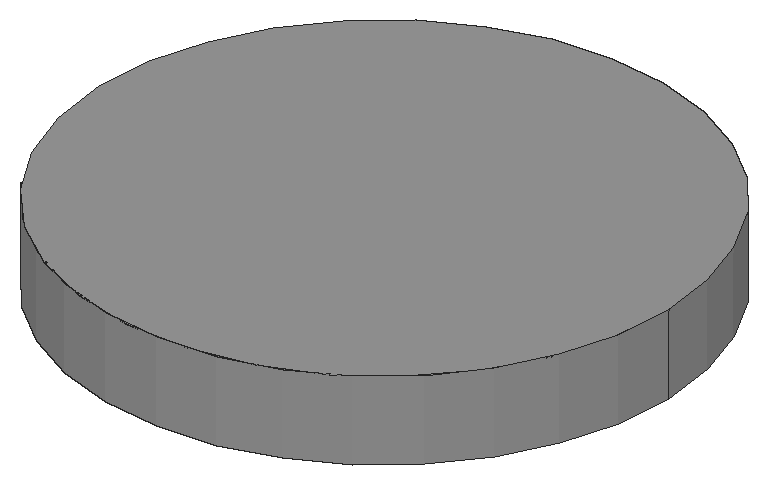
Revit family "SALSA_30W_4000K_2660LM_ALUMINIUM", category Lighting Fixtures, host Ceiling, Revit 2021
Family settings
  Host = Ceiling
  Round Connector Dimension = Use Diameter
  Part Type = Normal
  OmniClass Number = 23.80.70.11
  OmniClass Title = Luminaries for Internal Lighting
  Always vertical = Yes
  Cut with Voids When Loaded = No
  Light Source = Yes
  Shared = No
  Room Calculation Point = No
Parameters
  Wattage = 17.9074 W
  built-in parameter 1150110 = 1 (stored number, unit not read)
  Type de lampe = "LED Sanan LM80 Step MacAdam 5"
  Type = "Plafonnier"
  built-in parameter 1114217 = 1 (stored number, unit not read)
  Tilt Angle = 90.00°
  built-in parameter 1150109 = 1 (stored number, unit not read)
  built-in parameter 1150134 = 12
  built-in parameter 1150113 = 1 (stored number, unit not read)
  Puissance nominale = "30W"
  Photometric Web File = "google_eulumdat_converter (26).ies"
  Matériau = "Aluminium"
  Lumens = 2660 lm
  built-in parameter 1150115 = 1 (stored number, unit not read)
  built-in parameter 1150105 = 211.68 (stored number, unit not read)
  built-in parameter 1150137 = (empty or 0)
  built-in parameter 1150139 = (empty or 0)
  built-in parameter 1150112 = 1 (stored number, unit not read)
  built-in parameter 1150114 = 1 (stored number, unit not read)
  built-in parameter 1150132 = 2
  built-in parameter 1150102 = (empty or 0)
  built-in parameter 1150138 = (empty or 0)
  built-in parameter 1150107 = 4000 (stored number, unit not read)
  built-in parameter 1150106 = 2.1168 (stored number, unit not read)
  IRC = ">80"
  Emit from Circle Diameter = 609.60 mm
  Emit Shape Visible in Rendering = no
  built-in parameter 1150104 = 13.8 (stored number, unit not read)
  Durée de vie = "30 000 heures"
  Driver = "Driver Lifud Flicker TUV"
  Dimming Lamp Color Temperature Shift = <None>
  Dimensions = "Ø 300 mm, H = 42 mm"
  Dimension découpe = "Ø 300 mm"
  Default Elevation = 0.00 mm
  Couleur = "Nickel Satiné"
  Color Filter = 16777215
  built-in parameter 1114218 = 1 (stored number, unit not read)
  built-in parameter 1150133 = 10 (stored number, unit not read)
  Alimentation Driver = "AC 220-240V"
Reference planes
  plane 1 "Light Source Axis (F/B)": y = 0
  plane 2 "Ceiling": z = 2438.4
  plane 3 "Light Source Axis (L/R)": x = 0
  plane 4 "Light Source Elevation": z = 2336.8
Forms (mm)
  Extrusion 1, solid, material "Aluminum"
    sketch origin (0, 0, 2336.8) x (0, -1, 0) y (1, 0, 0)
      loop
        circle (0, 0) r 150
    from 59.6 to 101.6
  Extrusion 2, void
    sketch origin (0, 0, 2336.8) x (0, -1, 0) y (1, 0, 0)
      loop
        circle (0, 0) r 140
    from 41.114 to 96.259
  Extrusion 3, solid, material "Glass, White, High Luminance"
    sketch origin (0, 0, 2336.8) x (0, -1, 0) y (1, 0, 0)
      loop
        circle (0, 0) r 140
    from 62.24 to 70.031
Cuts and joins
  Extrusion 2 cuts Extrusion 1
Lines and regions (mm)
  reference lines
    curve 1: line (0, 0, 2438.4) -> (0, 0, 2396.4)
Dimensions and locks
  equal spacing: host sketch curve, plane 3 "Light Source Axis (L/R)", host sketch curve
  equal spacing: host sketch curve, plane 1 "Light Source Axis (F/B)", host sketch curve
  host sketch curve to host sketch curve = 3048.00 mm  (x2)
  aligned and locked: plane 4 "Light Source Elevation" to imposter light
